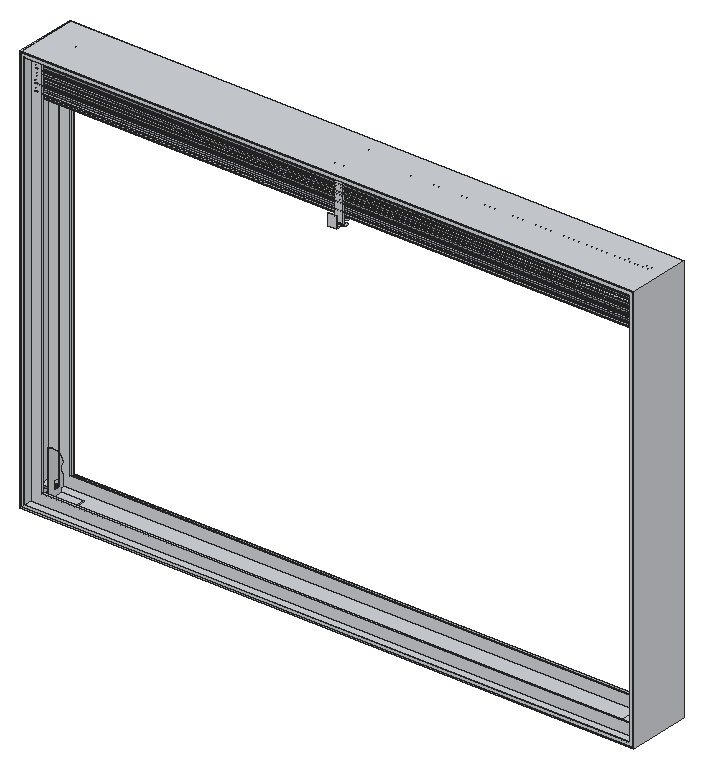
Revit family "FDD-ALB", category Mechanical Equipment, Revit 2015
Parameters
  URL = "http://unitedenertech.com/catalog/pdf/A-10%20%20FDD-ALB.pdf"
  Type Comments = "Max. Sizes are (Vertical 72\"w x 36\"h or 36\"w x 72\"h) (Horizontal 36\"w x 36\"h)"
  Model = "FDD-ALB"
  Manufacturer = "United Enertech Corporation"
  Keynote = ""
  Exact Width = 3' - 0"
  EFL Height [instance] = Blade Pair Number * 0' 0 13/32" + 0' 0 41/64"  # 0' - 3 5/64"
  Description = "Curtain Fire Damper for use in Static or Dynamic Systems"
  Damper Height = 2' - 0"
  Depth = 0' - 3 11/16"
  Blade Width [instance] = Exact Width - 0' 0 1/8"  # 2' - 11 7/8"
  Blade Pair Number [instance] = (Damper Height - 0' 0 9/128") / 0' 3 7/8"  # 6
Reference planes (in)
  plane 1 "Center (Front/Back)": y = 0
  plane 2: z = 0
  plane 3 "Center (Left/Right)": x = 0
  plane 4: x = -18
  plane 5: x = 18
  plane 6: y = -1.84375
  plane 7: y = 1.84375
  plane 8: z = 24
  plane 9: x = -17.9641
  plane 10: x = 17.9641
  plane 11: z = 0.0359
  plane 12: z = 23.9641
  plane 13: y = 1.09375
  plane 14: y = -1.09375
  plane 15: y = -0.96875
  plane 16: y = 0.96875
  plane 17: z = 0.6609
  plane 18: x = -17.3391
  plane 19: x = 17.3391
  plane 20: z = 23.3391
  plane 21: x = -0.25
  plane 22: x = 0.25
  plane 23: z = 20.88598
  plane 24: z = 20.92188
  plane 25: z = 0.2234
  plane 26: z = 23.7766
  plane 27: x = 17.7766
  plane 28: x = -17.7766
  plane 29: y = 1.80785
  plane 30: y = -1.80785
Forms (in)
  Extrusion 1, solid
    sketch origin (0, 0, 0) x (1, 0, 0) y (0, 0, 1)
      loop
        line (-17.9641, 23.9641) -> (-17.9641, 0.0359) -> (17.9641, 0.0359) -> (17.9641, 23.9641) -> (-17.9641, 23.9641)
      loop
        line (-18, 24) -> (-18, 0) -> (18, 0) -> (18, 24) -> (-18, 24)
    from -1.84375 to 1.84375
  Extrusion 2, solid
    sketch origin (0, 0, 0) x (1, 0, 0) y (0, 0, 1)
      loop
        line (-17.3391, 23.3391) -> (-17.3391, 0.6609) -> (17.3391, 0.6609) -> (17.3391, 23.3391) -> (-17.3391, 23.3391)
      loop
        line (-17.9641, 23.9641) -> (-17.9641, 0.0359) -> (17.9641, 0.0359) -> (17.9641, 23.9641) -> (-17.9641, 23.9641)
    from 0.96875 to 1.09375
  Extrusion 3, solid
    sketch origin (0, 0, 0) x (1, 0, 0) y (0, 0, 1)
      loop
        line (-17.3391, 23.3391) -> (-17.3391, 0.6609) -> (17.3391, 0.6609) -> (17.3391, 23.3391) -> (-17.3391, 23.3391)
      loop
        line (-17.9641, 23.9641) -> (-17.9641, 0.0359) -> (17.9641, 0.0359) -> (17.9641, 23.9641) -> (-17.9641, 23.9641)
    from -1.09375 to -0.96875
  Extrusion 4, solid
    sketch origin (0, 0, 0) x (0, 1, 0) y (0, 0, 1)
      loop
        line (0.96875, 23.9641) -> (0.93285, 23.9641) -> (0.93285, 20.88598) -> (1.43285, 20.88598) -> (1.43285, 21.55473) -> (1.39695, 21.55473) -> (1.39695, 20.92188) -> (0.96875, 20.92188) -> (0.96875, 23.9641)
    from -0.25 to 0.25
  Extrusion 5, solid
    sketch origin (0, 0, 0) x (0, -1, 0) y (0, 0, -1)
      loop
        line (0.96875, -23.9641) -> (0.96875, -20.92188) -> (1.39695, -20.92188) -> (1.39695, -21.55473) -> (1.43285, -21.55473) -> (1.43285, -20.88598) -> (0.93285, -20.88598) -> (0.93285, -23.9641) -> (0.96875, -23.9641)
    from -0.25 to 0.25
  Extrusion 6, solid
    sketch origin (0, 0, 0) x (0, 1, 0) y (0, 0, 1)
      loop
        line (0.18683, 0.46965) -> (0.18683, 20.88598) -> (0.15093, 20.88598) -> (0.15093, 0.46965) -> (0.18683, 0.46965)
    from 17.3391 to 17.9641
  Extrusion 7, solid
    sketch origin (0, 0, 0) x (0, 1, 0) y (0, 0, 1)
      loop
        line (0.18683, 0.46965) -> (0.18683, 20.88598) -> (0.15093, 20.88598) -> (0.15093, 0.46965) -> (0.18683, 0.46965)
    from -17.3391 to -17.9641
  Extrusion 8, solid
    sketch origin (0, 0, 0) x (0, 1, 0) y (0, 0, 1)
      loop
        arc (0.18683, 20.88598) -> (0.08831, 21.27851) -> (-0.15941, 21.59854) r 0.98736
        line (-0.15941, 21.59854) -> (-0.18442, 21.57353)
        arc (-0.18442, 21.57353) -> (0.05139, 21.26299) -> (0.15093, 20.88598) r 1.00288
        line (0.15093, 20.88598) -> (0.18683, 20.88598)
    from 17.3391 to 17.9641
  Extrusion 9, solid
    sketch origin (0, 0, 0) x (0, 1, 0) y (0, 0, 1)
      loop
        arc (0.18683, 20.88598) -> (0.08831, 21.27851) -> (-0.15941, 21.59854) r 0.98736
        line (-0.15941, 21.59854) -> (-0.18442, 21.57353)
        arc (-0.18442, 21.57353) -> (0.05139, 21.26299) -> (0.15093, 20.88598) r 1.00288
        line (0.15093, 20.88598) -> (0.18683, 20.88598)
    from -17.9641 to -17.3391
  Extrusion 10, solid
    sketch origin (0, 0, 0) x (1, 0, 0) y (0, 0, 1)
      loop
        line (-17.7766, 23.7766) -> (-17.7766, 0.2234) -> (17.7766, 0.2234) -> (17.7766, 23.7766) -> (-17.7766, 23.7766)
      loop
        line (-17.9641, 0.0359) -> (17.9641, 0.0359) -> (17.9641, 23.9641) -> (-17.9641, 23.9641) -> (-17.9641, 0.0359)
    from -1.84375 to -1.80785
  Extrusion 11, solid
    sketch origin (0, 0, 0) x (1, 0, 0) y (0, 0, 1)
      loop
        line (-17.7766, 23.7766) -> (-17.7766, 0.2234) -> (17.7766, 0.2234) -> (17.7766, 23.7766) -> (-17.7766, 23.7766)
      loop
        line (-17.9641, 0.0359) -> (17.9641, 0.0359) -> (17.9641, 23.9641) -> (-17.9641, 23.9641) -> (-17.9641, 0.0359)
    from 1.80785 to 1.84375
Dimensions and locks (in)
  equal spacing: plane 4, plane 3 "Center (Left/Right)", plane 5
  "Exact Width": plane 4 to plane 5
  equal spacing: plane 7, plane 1 "Center (Front/Back)", plane 6
  "Depth": plane 7 to plane 6
  "Damper Height": plane 8 to level
  locked: plane 9 to plane 4 at 0.0359
  locked: plane 5 to plane 10 at 0.0359
  locked: plane 8 to plane 12 at 0.0359
  locked: plane 11 to level at 0.0359
  locked: plane 13 to plane 14 at 2.1875
  locked: plane 15 to plane 14 at 0.125
  locked: plane 13 to plane 16 at 0.125
  locked: plane 18 to plane 9 at 0.625
  locked: plane 10 to plane 19 at 0.625
  locked: plane 17 to plane 11 at 0.625
  locked: plane 12 to plane 20 at 0.625
  equal spacing: group 1, group 2, group 3, group 4, group 5, group 6  (x2)
  equal spacing: group 6, group 5, group 4, group 3, group 2, group 1
  locked: nested 1 to nested 2 at 0.40625
  "EFL Height": plane 12 to plane 23
  locked: plane 24 to plane 23 at 0.0359
  locked: plane 25 to level at 0.2234
  locked: plane 8 to plane 26 at 0.2234
  locked: plane 4 to plane 28 at 0.2234
  locked: plane 5 to plane 27 at 0.2234
  locked: plane 7 to plane 29 at 0.0359
  locked: plane 30 to plane 6 at 0.0359
  aligned and locked: level to plane 2
  aligned and locked: level to Extrusion 1 sketch curve
  aligned and locked: Extrusion 1 sketch curve to plane 4
  aligned and locked: Extrusion 1 sketch curve to plane 5
  aligned and locked: Extrusion 1 sketch curve to plane 8
  aligned and locked: Extrusion 1 sketch curve to plane 12
  aligned and locked: plane 10 to Extrusion 1 sketch curve
  aligned and locked: plane 11 to Extrusion 1 sketch curve
  aligned and locked: plane 9 to Extrusion 1 sketch curve
  aligned and locked: plane 7 to Extrusion 1
  aligned and locked: Extrusion 1 to plane 6
  aligned and locked: plane 11 to Extrusion 2 sketch curve
  aligned and locked: plane 9 to Extrusion 2 sketch curve
  aligned and locked: plane 10 to Extrusion 2 sketch curve
  aligned and locked: Extrusion 2 sketch curve to plane 12
  aligned and locked: Extrusion 2 sketch curve to plane 20
  aligned and locked: Extrusion 2 sketch curve to plane 19
  aligned and locked: plane 17 to Extrusion 2 sketch curve
  aligned and locked: Extrusion 2 sketch curve to plane 18
  aligned and locked: plane 13 to Extrusion 3
  aligned and locked: Extrusion 3 to plane 16
  aligned and locked: plane 15 to Extrusion 2
  aligned and locked: Extrusion 2 to plane 14
  aligned and locked: plane 3 "Center (Left/Right)" to nested 1
  aligned and locked: plane 12 to nested 1
  aligned and locked: plane 21 to Extrusion 5
  aligned and locked: plane 21 to Extrusion 4
  aligned and locked: plane 22 to Extrusion 5
  aligned and locked: plane 22 to Extrusion 4
  aligned and locked: Extrusion 5 sketch curve to plane 23
  aligned and locked: plane 23 to Extrusion 4 sketch curve
  aligned and locked: plane 24 to Extrusion 4 sketch curve
  aligned and locked: Extrusion 5 sketch curve to plane 24
  aligned and locked: nested 4 to plane 24
  aligned and locked: nested 6 to plane 9
  aligned and locked: plane 10 to nested 7
  aligned and locked: Extrusion 6 sketch curve to plane 23
  aligned and locked: Extrusion 7 to plane 9
  aligned and locked: Extrusion 7 to plane 18
  aligned and locked: Extrusion 6 to plane 19
  aligned and locked: Extrusion 6 to plane 10
  aligned and locked: Extrusion 8 sketch curve to plane 23
  aligned and locked: Extrusion 9 to plane 9
  aligned and locked: Extrusion 9 to plane 18
  aligned and locked: plane 10 to Extrusion 8
  aligned and locked: Extrusion 8 to plane 19
  aligned and locked: Extrusion 10 sketch curve to plane 11
  aligned and locked: Extrusion 10 sketch curve to plane 10
  aligned and locked: Extrusion 10 sketch curve to plane 9
  aligned and locked: plane 12 to Extrusion 10 sketch curve
  aligned and locked: plane 26 to Extrusion 10 sketch curve
  aligned and locked: Extrusion 10 sketch curve to plane 28
  aligned and locked: Extrusion 10 sketch curve to plane 25
  aligned and locked: Extrusion 10 sketch curve to plane 27
  aligned and locked: plane 7 to Extrusion 10
  aligned and locked: Extrusion 10 to plane 29
  aligned and locked: Extrusion 11 to plane 30
  aligned and locked: Extrusion 11 to plane 6
Automatic sketch dimensions
  Extrusion 3 sketch curve to plane 9 = 0' - 0"
  Extrusion 3 sketch curve to plane 17 = 0' - 0"
  plane 18 to Extrusion 3 sketch curve = 0' - 0"
  Extrusion 3 sketch curve to plane 19 = 0' - 0"
  plane 10 to Extrusion 3 sketch curve = 0' - 0"
  Extrusion 3 sketch curve to plane 11 = 0' - 0"
  Extrusion 3 sketch curve to plane 20 = 0' - 0"
  Extrusion 3 sketch curve to plane 12 = 0' - 0"
  Extrusion 4 sketch curve to plane 12 = 0' - 0"
  Extrusion 4 sketch curve to plane 16 = 0' - 0"
  Extrusion 4 sketch curve to plane 16 = 0' - 0.0359"
  plane 13 to Extrusion 4 sketch curve = 0' - 0.3032"
  Extrusion 4 sketch curve to Extrusion 4 sketch curve = 0' - 0.0359"
  plane 24 to Extrusion 4 sketch curve = 0' - 0.63285"
  Extrusion 5 sketch curve to plane 12 = 0' - 0"
  Extrusion 5 sketch curve to plane 15 = 0' - 0"
  Extrusion 5 sketch curve to plane 15 = 0' - 0.0359"
  plane 14 to Extrusion 5 sketch curve = 0' - 0.3032"
  Extrusion 5 sketch curve to Extrusion 5 sketch curve = 0' - 0.0359"
  Extrusion 5 sketch curve to plane 24 = 0' - 0.63285"
  Extrusion 6 sketch curve to plane 1 "Center (Front/Back)" = 0' - 0.15093"
  Extrusion 6 sketch curve to Extrusion 6 sketch curve = 0' - 0.0359"
  Extrusion 6 sketch curve to plane 17 = 0' - 0.19125"
  Extrusion 7 sketch curve to plane 23 = 0' - 0"
  Extrusion 7 sketch curve to plane 1 "Center (Front/Back)" = 0' - 0.15093"
  Extrusion 7 sketch curve to Extrusion 7 sketch curve = 0' - 0.0359"
  Extrusion 7 sketch curve to plane 17 = 0' - 0.19125"
  plane 15 to Extrusion 8 sketch curve = 0' - 0.11876"
  Extrusion 8 sketch curve to Extrusion 8 sketch curve = 0' - 0.05023"
  plane 1 "Center (Front/Back)" to Extrusion 8 sketch curve = 0' - 0.18442"
  Extrusion 8 sketch curve to Extrusion 8 sketch curve = 0' - 0.02501"
  Extrusion 8 sketch curve to plane 1 "Center (Front/Back)" = 0' - 0.15093"
  Extrusion 8 sketch curve to Extrusion 8 sketch curve = 0' - 0.0359"
  Extrusion 8 sketch curve to plane 23 = 0' - 0.03898"
  Extrusion 8 sketch curve to Extrusion 8 sketch curve = 0' - 0.02364"
  Extrusion 9 sketch curve to plane 23 = 0' - 0"
  plane 15 to Extrusion 9 sketch curve = 0' - 0.11876"
  Extrusion 9 sketch curve to Extrusion 9 sketch curve = 0' - 0.05023"
  plane 1 "Center (Front/Back)" to Extrusion 9 sketch curve = 0' - 0.18442"
  Extrusion 9 sketch curve to Extrusion 9 sketch curve = 0' - 0.02501"
  Extrusion 9 sketch curve to plane 1 "Center (Front/Back)" = 0' - 0.15093"
  Extrusion 9 sketch curve to Extrusion 9 sketch curve = 0' - 0.0359"
  Extrusion 9 sketch curve to plane 23 = 0' - 0.03898"
  Extrusion 9 sketch curve to Extrusion 9 sketch curve = 0' - 0.02364"
  Extrusion 11 sketch curve to plane 9 = 0' - 0"
  Extrusion 11 sketch curve to plane 25 = 0' - 0"
  plane 28 to Extrusion 11 sketch curve = 0' - 0"
  Extrusion 11 sketch curve to plane 26 = 0' - 0"
  Extrusion 11 sketch curve to plane 27 = 0' - 0"
  plane 10 to Extrusion 11 sketch curve = 0' - 0"
  Extrusion 11 sketch curve to plane 11 = 0' - 0"
  Extrusion 11 sketch curve to plane 12 = 0' - 0"
Nested families (in)
  nested 1: "FD-SALB BLADESEDITED" at (0, 1.17008, 23.12138), type "FD-SALB BLADESEDITED"
    with Blade Width 2' - 11 7/8"
  nested 2: "FD-SALB BLADESEDITED" at (0, 1.17008, 22.71513), type "FD-SALB BLADESEDITED"
    with Blade Width 2' - 11 7/8"
  nested 3: "FD-SALB BLADESEDITED" at (0, 1.17008, 22.30888), type "FD-SALB BLADESEDITED"
    with Blade Width 2' - 11 7/8"
  nested 4: "EFL" at (4.62017, 3.54736, 20.92188), type "EFL"
  nested 5: "FD-SALB BLADESEDITED" at (0, 1.17008, 21.90263), type "FD-SALB BLADESEDITED"
    with Blade Width 2' - 11 7/8"
  nested 6: "Fire Damper Spring" at (-17.41019, -4.48368, -2.82915) x (0, 1, 0) z (0, 0, 1), type "Fire Damper Spring"
  nested 7: "Fire Damper Spring" at (17.41019, -4.48368, -2.82915) x (0, 1, 0) z (0, 0, 1), type "Fire Damper Spring"
  nested 8: "FD-SALB BLADESEDITED" at (0, 1.17008, 21.49638), type "FD-SALB BLADESEDITED"
    with Blade Width 2' - 11 7/8"
  nested 9: "FD-SALB BLADESEDITED" at (0, 1.17008, 21.09013), type "FD-SALB BLADESEDITED"
    with Blade Width 2' - 11 7/8"
Definition of nested family "FD-SALB BLADESEDITED"
  Parameters (values of type "FD-SALB BLADESEDITED")
    Blade Width = 1' - 11 7/8"
  Reference planes (in)
    plane 1 "Center (Front/Back)": y = 0
    plane 2: z = 0
    plane 3 "Center (Left/Right)": x = 0
    plane 4: x = -11.9375
    plane 5: x = 11.9375
  Forms (in)
    Extrusion 1, solid
      sketch origin (0, 0, 0) x (0, 1, 0) y (0, 0, 1)
        loop
          line (-0.31672, 0.53073) -> (-0.3446, 0.62657)
          arc (-0.3446, 0.62657) -> (-0.33726, 0.6415) -> (-0.32269, 0.63348) r 0.0115
          line (-0.32269, 0.63348) -> (-0.30545, 0.53536)
          arc (-0.30545, 0.53536) -> (-0.31611, 0.49773) -> (-0.35217, 0.48264) r 0.045
          line (-0.35217, 0.48264) -> (-0.39872, 0.48554)
          arc (-0.39872, 0.48554) -> (-0.42675, 0.49692) -> (-0.44125, 0.52348) r 0.045
          line (-0.44125, 0.52348) -> (-0.47071, 0.66865)
          arc (-0.47071, 0.66865) -> (-0.48965, 0.70349) -> (-0.5262, 0.7189) r 0.06
          line (-0.5262, 0.7189) -> (-1.55698, 0.78305) -> (-1.76244, 0.79584)
          arc (-1.76244, 0.79584) -> (-1.79846, 0.78683) -> (-1.82228, 0.75836) r 0.06
          line (-1.82228, 0.75836) -> (-1.88016, 0.61423)
          arc (-1.88016, 0.61423) -> (-1.90974, 0.57877) -> (-1.95445, 0.56733) r 0.075
          arc (-1.95445, 0.56733) -> (-2.03902, 0.60869) -> (-2.06957, 0.69773) r 0.123
          line (-2.06957, 0.69773) -> (-2.06418, 0.78456)
          arc (-2.06418, 0.78456) -> (-2.05371, 0.80551) -> (-2.03138, 0.81256) r 0.03
          line (-2.03138, 0.81256) -> (-1.90763, 0.80489) -> (-1.90763, 0.8362) -> (-2.01284, 0.84272) -> (-2.04641, 0.84272)
          arc (-2.04641, 0.84272) -> (-2.08042, 0.82292) -> (-2.09536, 0.7865) r 0.06125
          line (-2.09536, 0.7865) -> (-2.10077, 0.69966)
          arc (-2.10077, 0.69966) -> (-2.06244, 0.58801) -> (-1.95639, 0.53614) r 0.15425
          arc (-1.95639, 0.53614) -> (-1.89306, 0.55235) -> (-1.8512, 0.60257) r 0.10625
          line (-1.8512, 0.60257) -> (-1.7933, 0.74674)
          arc (-1.7933, 0.74674) -> (-1.78183, 0.76038) -> (-1.76452, 0.76466) r 0.02875
          line (-1.76452, 0.76466) -> (-1.55892, 0.75186) -> (-0.52813, 0.68773)
          arc (-0.52813, 0.68773) -> (-0.51045, 0.68016) -> (-0.50148, 0.66314) r 0.02875
          line (-0.50148, 0.66314) -> (-0.47199, 0.51784)
          arc (-0.47199, 0.51784) -> (-0.4474, 0.47346) -> (-0.4004, 0.45434) r 0.07625
          line (-0.4004, 0.45434) -> (-0.35398, 0.45144)
          arc (-0.35398, 0.45144) -> (-0.29278, 0.47694) -> (-0.27468, 0.54073) r 0.07625
          line (-0.27468, 0.54073) -> (-0.29191, 0.63889)
          arc (-0.29191, 0.63889) -> (-0.33988, 0.67434) -> (-0.37768, 0.6282) r 0.04327
          line (-0.37768, 0.6282) -> (-0.34677, 0.52199) -> (-0.31672, 0.53073)
      from -11.9375 to 11.9375
    Extrusion 2, solid
      sketch origin (0, 0, 0) x (0, 1, 0) y (0, 0, 1)
        loop
          arc (-0.31635, 0.67497) -> (-0.29361, 0.66856) -> (-0.28256, 0.64768) r 0.03
          line (-0.28256, 0.64768) -> (-0.2714, 0.56286)
          arc (-0.2714, 0.56286) -> (-0.29582, 0.47194) -> (-0.37737, 0.42491) r 0.123
          arc (-0.37737, 0.42491) -> (-0.42275, 0.43328) -> (-0.45469, 0.46664) r 0.075
          line (-0.45469, 0.46664) -> (-0.52225, 0.60648)
          arc (-0.52225, 0.60648) -> (-0.54755, 0.63305) -> (-0.58358, 0.63992) r 0.06
          line (-0.58358, 0.63992) -> (-0.78858, 0.61304) -> (-1.81262, 0.47877)
          arc (-1.81262, 0.47877) -> (-1.84723, 0.46173) -> (-1.86432, 0.42714) r 0.06
          line (-1.86432, 0.42714) -> (-1.88437, 0.27537)
          arc (-1.88437, 0.27537) -> (-1.89734, 0.2499) -> (-1.92301, 0.23735) r 0.045
          line (-1.92301, 0.23735) -> (-1.96868, 0.2314)
          arc (-1.96868, 0.2314) -> (-2.00696, 0.24361) -> (-2.02023, 0.28153) r 0.045
          line (-2.02023, 0.28153) -> (-2.00995, 0.379)
          arc (-2.00995, 0.379) -> (-1.99657, 0.38882) -> (-1.98728, 0.37505) r 0.0115
          line (-1.98728, 0.37505) -> (-2.00879, 0.27676) -> (-1.97772, 0.26996) -> (-1.95543, 0.37179)
          arc (-1.95543, 0.37179) -> (-1.99381, 0.41919) -> (-2.04121, 0.38081) r 0.04313
          line (-2.04121, 0.38081) -> (-2.05127, 0.28509)
          arc (-2.05127, 0.28509) -> (-2.02877, 0.22122) -> (-1.96431, 0.20045) r 0.07625
          line (-1.96431, 0.20045) -> (-1.91897, 0.20638)
          arc (-1.91897, 0.20638) -> (-1.87533, 0.22771) -> (-1.85342, 0.27106) r 0.07625
          line (-1.85342, 0.27106) -> (-1.83333, 0.42305)
          arc (-1.83333, 0.42305) -> (-1.82514, 0.43962) -> (-1.80853, 0.44779) r 0.02875
          line (-1.80853, 0.44779) -> (-0.78452, 0.58205) -> (-0.57967, 0.60892)
          arc (-0.57967, 0.60892) -> (-0.56246, 0.60559) -> (-0.55039, 0.5929) r 0.02875
          line (-0.55039, 0.5929) -> (-0.48278, 0.45303)
          arc (-0.48278, 0.45303) -> (-0.4376, 0.40578) -> (-0.37331, 0.39393) r 0.10625
          arc (-0.37331, 0.39393) -> (-0.27103, 0.4529) -> (-0.24041, 0.56695) r 0.15425
          line (-0.24041, 0.56695) -> (-0.2515, 0.65113)
          arc (-0.2515, 0.65113) -> (-0.27433, 0.69316) -> (-0.32041, 0.70596) r 0.06125
          line (-0.32041, 0.70596) -> (-0.44437, 0.68971) -> (-0.44031, 0.65872) -> (-0.31635, 0.67497)
      from -11.9375 to 11.9375
  Dimensions and locks (in)
    equal spacing: plane 4, plane 3 "Center (Left/Right)", plane 5
    "Blade Width": plane 4 to plane 5
    aligned and locked: level to plane 2
    aligned and locked: plane 4 to Extrusion 1
    aligned and locked: plane 4 to Extrusion 2
    aligned and locked: plane 5 to Extrusion 1
    aligned and locked: plane 5 to Extrusion 2
  Automatic sketch dimensions
    Extrusion 2 sketch curve to Extrusion 2 sketch curve = 0' - 0"  (x35)
    level to Extrusion 2 sketch curve = 0' - 0.28509"
    plane 1 "Center (Front/Back)" to Extrusion 2 sketch curve = 0' - 2.05127"
    level to Extrusion 2 sketch curve = 0' - 0.38081"
    Extrusion 2 sketch curve to Extrusion 2 sketch curve = 0' - 0.01006"
    level to Extrusion 2 sketch curve = 0' - 0.28153"
    Extrusion 2 sketch curve to Extrusion 2 sketch curve = 0' - 0.03105"
    level to Extrusion 2 sketch curve = 0' - 0.27676"
    Extrusion 2 sketch curve to Extrusion 2 sketch curve = 0' - 0.01143"  (x2)
    Extrusion 2 sketch curve to Extrusion 2 sketch curve = 0' - 0.04266"
    Extrusion 2 sketch curve to Extrusion 2 sketch curve = 0' - 0.00023"
    level to Extrusion 2 sketch curve = 0' - 0.26996"
    Extrusion 2 sketch curve to Extrusion 2 sketch curve = 0' - 0.03107"
    Extrusion 2 sketch curve to Extrusion 2 sketch curve = 0' - 0.00213"
    level to Extrusion 2 sketch curve = 0' - 0.2314"
    Extrusion 2 sketch curve to Extrusion 2 sketch curve = 0' - 0.00904"
    level to Extrusion 2 sketch curve = 0' - 0.20045"
    level to Extrusion 2 sketch curve = 0' - 0.37179"
    Extrusion 2 sketch curve to Extrusion 2 sketch curve = 0' - 0.0467"
    level to Extrusion 2 sketch curve = 0' - 0.27537"
    Extrusion 2 sketch curve to Extrusion 2 sketch curve = 0' - 0.04451"
    level to Extrusion 2 sketch curve = 0' - 0.27106"
    Extrusion 2 sketch curve to Extrusion 2 sketch curve = 0' - 0.03095"
    Extrusion 2 sketch curve to Extrusion 2 sketch curve = 0' - 0.0486"
    plane 1 "Center (Front/Back)" to Extrusion 2 sketch curve = 0' - 0.78452"
    Extrusion 2 sketch curve to Extrusion 2 sketch curve = 0' - 0.20094"
    Extrusion 2 sketch curve to Extrusion 2 sketch curve = 0' - 0 1/256"  (x2)
    Extrusion 2 sketch curve to Extrusion 2 sketch curve = 0' - 0.0034"
    Extrusion 2 sketch curve to Extrusion 2 sketch curve = 0' - 0.13921"
    Extrusion 2 sketch curve to Extrusion 2 sketch curve = 0' - 0.00406"  (x3)
    Extrusion 2 sketch curve to Extrusion 2 sketch curve = 0' - 0.04695"
    Extrusion 2 sketch curve to Extrusion 2 sketch curve = 0' - 0.00624"
    Extrusion 2 sketch curve to Extrusion 2 sketch curve = 0' - 0.0809"
    Extrusion 2 sketch curve to Extrusion 2 sketch curve = 0' - 0.0299"
    Extrusion 2 sketch curve to Extrusion 2 sketch curve = 0' - 0.03106"
    Extrusion 2 sketch curve to Extrusion 2 sketch curve = 0' - 0.00661"
    Extrusion 2 sketch curve to Extrusion 2 sketch curve = 0' - 0.00119"
    Extrusion 2 sketch curve to Extrusion 2 sketch curve = 0' - 0.14822"
    level to Extrusion 2 sketch curve = 0' - 0.49927"
    Extrusion 2 sketch curve to Extrusion 2 sketch curve = 0' - 0.04759"
    Extrusion 2 sketch curve to Extrusion 2 sketch curve = 0' - 0.0335"
    Extrusion 2 sketch curve to Extrusion 2 sketch curve = 0' - 0.00168"
    Extrusion 2 sketch curve to Extrusion 2 sketch curve = 0' - 0.02855"
    Extrusion 2 sketch curve to Extrusion 2 sketch curve = 0' - 0.031"
    Extrusion 2 sketch curve to Extrusion 2 sketch curve = 0' - 0.09835"
    Extrusion 2 sketch curve to Extrusion 2 sketch curve = 0' - 0.00246"
    Extrusion 2 sketch curve to Extrusion 2 sketch curve = 0' - 0.00345"
    Extrusion 2 sketch curve to Extrusion 2 sketch curve = 0' - 0.11186"
    Extrusion 2 sketch curve to Extrusion 2 sketch curve = 0' - 0.03098"  (x3)
    level to Extrusion 2 sketch curve = 0' - 0.37898"
    Extrusion 2 sketch curve to Extrusion 2 sketch curve = 0' - 0.00003"  (x4)
    Extrusion 2 sketch curve to Extrusion 2 sketch curve = 0' - 0.01101"
    level to Extrusion 2 sketch curve = 0' - 0.37505"
    Extrusion 2 sketch curve to Extrusion 2 sketch curve = 0' - 0.00585"
    level to Extrusion 2 sketch curve = 0' - 0.23735"
    Extrusion 2 sketch curve to Extrusion 2 sketch curve = 0' - 0.00404"
    level to Extrusion 2 sketch curve = 0' - 0.20636"
    level to Extrusion 2 sketch curve = 0' - 0.42714"
    Extrusion 2 sketch curve to Extrusion 2 sketch curve = 0' - 0.0595"
    level to Extrusion 2 sketch curve = 0' - 0.42305"
    Extrusion 2 sketch curve to Extrusion 2 sketch curve = 0' - 0.02852"
    Extrusion 2 sketch curve to Extrusion 2 sketch curve = 0' - 0.0207"
    level to Extrusion 2 sketch curve = 0' - 0.47878"
    Extrusion 2 sketch curve to Extrusion 2 sketch curve = 0' - 0.00374"
    level to Extrusion 2 sketch curve = 0' - 0.44779"
    Extrusion 2 sketch curve to Extrusion 2 sketch curve = 0' - 0.02588"
    Extrusion 2 sketch curve to Extrusion 2 sketch curve = 0' - 0.02814"
    Extrusion 2 sketch curve to Extrusion 2 sketch curve = 0' - 0.0957"
    Extrusion 2 sketch curve to Extrusion 2 sketch curve = 0' - 0.00004"  (x2)
    Extrusion 2 sketch curve to Extrusion 2 sketch curve = 0' - 0.02809"
    Extrusion 2 sketch curve to Extrusion 2 sketch curve = 0' - 0.00975"
    Extrusion 2 sketch curve to Extrusion 2 sketch curve = 0' - 0.00796"
    Extrusion 2 sketch curve to Extrusion 2 sketch curve = 0' - 0.01116"
    Extrusion 2 sketch curve to Extrusion 2 sketch curve = 0' - 0.00002"
    Extrusion 1 sketch curve to Extrusion 1 sketch curve = 0' - 0"  (x30)
    level to Extrusion 1 sketch curve = 0' - 0.7827"
    plane 1 "Center (Front/Back)" to Extrusion 1 sketch curve = 0' - 2.03423"
    Extrusion 1 sketch curve to Extrusion 1 sketch curve = 0' - 0.00284"
    Extrusion 1 sketch curve to Extrusion 1 sketch curve = 0' - 0.01854"
    Extrusion 1 sketch curve to Extrusion 1 sketch curve = 0' - 0.08443"
    Extrusion 1 sketch curve to Extrusion 1 sketch curve = 0' - 0.00298"
    Extrusion 1 sketch curve to Extrusion 1 sketch curve = 0' - 0.03918"
    Extrusion 1 sketch curve to Extrusion 1 sketch curve = 0' - 0.14102"
    level to Extrusion 1 sketch curve = 0' - 0.76466"
    Extrusion 1 sketch curve to Extrusion 1 sketch curve = 0' - 0.00209"
    level to Extrusion 1 sketch curve = 0' - 0.79584"
    Extrusion 1 sketch curve to Extrusion 1 sketch curve = 0' - 0.00208"  (x2)
    level to Extrusion 1 sketch curve = 0' - 0.75186"
    Extrusion 1 sketch curve to Extrusion 1 sketch curve = 0' - 0.2056"
    Extrusion 1 sketch curve to Extrusion 1 sketch curve = 0' - 0.00194"  (x2)
    plane 1 "Center (Front/Back)" to Extrusion 1 sketch curve = 0' - 0.52993"
    Extrusion 1 sketch curve to Extrusion 1 sketch curve = 0' - 0.02845"
    Extrusion 1 sketch curve to Extrusion 1 sketch curve = 0' - 0.02949"
    Extrusion 1 sketch curve to Extrusion 1 sketch curve = 0' - 0.03077"  (x2)
    Extrusion 1 sketch curve to Extrusion 1 sketch curve = 0' - 0.03074"
    Extrusion 1 sketch curve to Extrusion 1 sketch curve = 0' - 0.04085"
    Extrusion 1 sketch curve to Extrusion 1 sketch curve = 0' - 0.00168"
    Extrusion 1 sketch curve to Extrusion 1 sketch curve = 0' - 0.04445"
    Extrusion 1 sketch curve to Extrusion 1 sketch curve = 0' - 0.01912"
    Extrusion 1 sketch curve to Extrusion 1 sketch curve = 0' - 0.04641"
    Extrusion 1 sketch curve to Extrusion 1 sketch curve = 0' - 0.00182"
    Extrusion 1 sketch curve to Extrusion 1 sketch curve = 0' - 0.00238"
    Extrusion 1 sketch curve to Extrusion 1 sketch curve = 0' - 0.00302"
    Extrusion 1 sketch curve to Extrusion 1 sketch curve = 0' - 0.03307"
    Extrusion 1 sketch curve to Extrusion 1 sketch curve = 0' - 0.01008"
    Extrusion 1 sketch curve to Extrusion 1 sketch curve = 0' - 0.00072"
    Extrusion 1 sketch curve to Extrusion 1 sketch curve = 0' - 0.01112"
    Extrusion 1 sketch curve to Extrusion 1 sketch curve = 0' - 0.03006"
    Extrusion 1 sketch curve to Extrusion 1 sketch curve = 0' - 0.03078"
    Extrusion 1 sketch curve to Extrusion 1 sketch curve = 0' - 0.02867"
    Extrusion 1 sketch curve to Extrusion 1 sketch curve = 0' - 0.09261"
    level to Extrusion 1 sketch curve = 0' - 0.66865"
    Extrusion 1 sketch curve to Extrusion 1 sketch curve = 0' - 0.00551"
    Extrusion 1 sketch curve to Extrusion 1 sketch curve = 0' - 0.00412"
    Extrusion 1 sketch curve to Extrusion 1 sketch curve = 0' - 0.04791"
    Extrusion 1 sketch curve to Extrusion 1 sketch curve = 0' - 0.02976"
    Extrusion 1 sketch curve to Extrusion 1 sketch curve = 0' - 0.00541"
    Extrusion 1 sketch curve to Extrusion 1 sketch curve = 0' - 0.00087"
    Extrusion 1 sketch curve to Extrusion 1 sketch curve = 0' - 0.00852"
    Extrusion 1 sketch curve to Extrusion 1 sketch curve = 0' - 0.00559"
    Extrusion 1 sketch curve to Extrusion 1 sketch curve = 0' - 0.00702"
    Extrusion 1 sketch curve to Extrusion 1 sketch curve = 0' - 0.00564"
    Extrusion 1 sketch curve to Extrusion 1 sketch curve = 0' - 0.03935"
    Extrusion 1 sketch curve to Extrusion 1 sketch curve = 0' - 0.0312"
    Extrusion 1 sketch curve to Extrusion 1 sketch curve = 0' - 0.03119"
    Extrusion 1 sketch curve to Extrusion 1 sketch curve = 0' - 0.1148"
    Extrusion 1 sketch curve to Extrusion 1 sketch curve = 0' - 0.03131"
    Extrusion 1 sketch curve to Extrusion 1 sketch curve = 0' - 0.02994"
    level to Extrusion 1 sketch curve = 0' - 0.78456"
    Extrusion 1 sketch curve to Extrusion 1 sketch curve = 0' - 0.00539"
    level to Extrusion 1 sketch curve = 0' - 0.69772"
    Extrusion 1 sketch curve to Extrusion 1 sketch curve = 0' - 0.03117"
    Extrusion 1 sketch curve to Extrusion 1 sketch curve = 0' - 0.03118"
    level to Extrusion 1 sketch curve = 0' - 0.69966"
    Extrusion 1 sketch curve to Extrusion 1 sketch curve = 0' - 0.03357"
    Extrusion 1 sketch curve to Extrusion 1 sketch curve = 0' - 0.0066"
    Extrusion 1 sketch curve to Extrusion 1 sketch curve = 0' - 0.06959"
    level to Extrusion 1 sketch curve = 0' - 0.61423"
    Extrusion 1 sketch curve to Extrusion 1 sketch curve = 0' - 0.00004"  (x2)
    Extrusion 1 sketch curve to Extrusion 1 sketch curve = 0' - 0.02896"
    level to Extrusion 1 sketch curve = 0' - 0.60259"
    level to Extrusion 1 sketch curve = 0' - 0.75838"
    Extrusion 1 sketch curve to Extrusion 1 sketch curve = 0' - 0.05778"
    level to Extrusion 1 sketch curve = 0' - 0.74674"
    Extrusion 1 sketch curve to Extrusion 1 sketch curve = 0' - 0.02669"
    Extrusion 1 sketch curve to Extrusion 1 sketch curve = 0' - 0.00179"
    Extrusion 1 sketch curve to Extrusion 1 sketch curve = 0' - 0.00193"
    Extrusion 1 sketch curve to Extrusion 1 sketch curve = 0' - 0.01125"
    Extrusion 1 sketch curve to Extrusion 1 sketch curve = 0' - 0.00003"
    Extrusion 1 sketch curve to Extrusion 1 sketch curve = 0' - 0.05622"
    Extrusion 1 sketch curve to Extrusion 1 sketch curve = 0' - 0.03016"
Definition of nested family "EFL"
  Reference planes (in)
    plane 1 "Center (Front/Back)": y = 0
    plane 2: z = 0
    plane 3 "Center (Left/Right)": x = 0
  Forms (in)
    Extrusion 1, solid
      sketch origin (0, 0, 0) x (1, 0, 0) y (0, 1, 0)
        loop
          arc (-4.87017, -4.05324) -> (-4.81525, -4.18582) -> (-4.68267, -4.24074) r 0.1875
          line (-4.68267, -4.24074) -> (-4.55767, -4.24074)
          arc (-4.55767, -4.24074) -> (-4.42508, -4.18582) -> (-4.37017, -4.05324) r 0.1875
          line (-4.37017, -4.05324) -> (-4.37017, -3.41574) -> (-4.87017, -3.41574) -> (-4.87017, -4.05324)
        loop
          circle (-4.62017, -4.05324) r 0.0625
      from 0.1 to 0.05
    Extrusion 2, solid
      sketch origin (-9.24033, -7.08147, 0) x (-1, 0, 0) y (0, -1, 0)
        loop
          arc (-4.87017, -4.05324) -> (-4.81525, -4.18582) -> (-4.68267, -4.24074) r 0.1875
          line (-4.68267, -4.24074) -> (-4.55767, -4.24074)
          arc (-4.55767, -4.24074) -> (-4.42508, -4.18582) -> (-4.37017, -4.05324) r 0.1875
          line (-4.37017, -4.05324) -> (-4.37017, -3.41574) -> (-4.87017, -3.41574) -> (-4.87017, -4.05324)
        loop
          circle (-4.62017, -4.05324) r 0.0625
      from 0 to 0.05
    Sweep 3, solid
      path in 3D
        loop
          line (-4.62017, -4.16421, 0) -> (-4.62017, -4.22608, 0)
          arc (-4.62017, -4.22608, 0) -> (-4.65678, -4.31447, 0) -> (-4.74517, -4.35108, 0) r 0.125
          line (-4.74517, -4.35108, 0) -> (-4.92568, -4.35108, 0)
          arc (-4.92568, -4.35108, 0) -> (-5.02859, -4.454, 0) -> (-4.92568, -4.55691, 0) r 0.10291
          line (-4.92568, -4.55691, 0) -> (-4.62017, -4.55691, 0) -> (-4.31465, -4.55691, 0)
          arc (-4.31465, -4.55691, 0) -> (-4.21174, -4.454, 0) -> (-4.31465, -4.35108, 0) r 0.10291
          line (-4.31465, -4.35108, 0) -> (-4.58427, -4.35108, 0)
      profile origin (-4.62017, -4.19515, 0) x (1, 0, 0) y (0, 0, 1)
        loop
          circle (0, 0) r 0.03202
    Sweep 4, solid
      path in 3D
        loop
          line (-4.62017, -4.283, 0.1526) -> (-4.62017, -4.12297, 0.1526)
          arc (-4.62017, -4.12297, 0.1526) -> (-4.62017, -4.04635, 0.07598) -> (-4.62017, -4.12297, -0.00063) r 0.07662
          line (-4.62017, -4.12297, -0.00063) -> (-4.62017, -4.16421, -0.00063)
      profile origin (-4.62017, -4.14359, -0.00063) x (0, 0, -1) y (1, 0, 0)
        loop
          circle (0, 0) r 0.03138
    Sweep 5, solid
      path in 3D
        loop
          line (-4.62017, -2.91726, 0) -> (-4.62017, -2.85539, 0)
          arc (-4.62017, -2.85539, 0) -> (-4.65678, -2.767, 0) -> (-4.74517, -2.73039, 0) r 0.125
          line (-4.74517, -2.73039, 0) -> (-4.92568, -2.73039, 0)
          arc (-4.92568, -2.73039, 0) -> (-5.02859, -2.62747, 0) -> (-4.92568, -2.52456, 0) r 0.10291
          line (-4.92568, -2.52456, 0) -> (-4.62017, -2.52456, 0) -> (-4.31465, -2.52456, 0)
          arc (-4.31465, -2.52456, 0) -> (-4.21174, -2.62747, 0) -> (-4.31465, -2.73039, 0) r 0.10291
          line (-4.31465, -2.73039, 0) -> (-4.58427, -2.73039, 0)
      profile origin (-4.62017, -2.88633, 0) x (-1, 0, 0) y (0, 0, 1)
        loop
          circle (0, 0) r 0.03202
    Sweep 6, solid
      path in 3D
        loop
          line (-4.62017, -2.79848, 0.1526) -> (-4.62017, -2.95851, 0.1526)
          arc (-4.62017, -2.95851, 0.1526) -> (-4.62017, -3.03512, 0.07598) -> (-4.62017, -2.95851, -0.00063) r 0.07662
          line (-4.62017, -2.95851, -0.00063) -> (-4.62017, -2.91726, -0.00063)
      profile origin (-4.62017, -2.93788, -0.00063) x (0, 0, 1) y (1, 0, 0)
        loop
          circle (0, 0) r 0.03138
  Lines and regions (in)
    sketch lines
      curve 1: line (-4.62017, -4.16421, 0) -> (-4.62017, -4.22608, 0)
      curve 2: arc (-4.74517, -4.35108, 0) -> (-4.65678, -4.31447, 0) -> (-4.62017, -4.22608, 0) r 0.125
      curve 3: line (-4.74517, -4.35108, 0) -> (-4.92568, -4.35108, 0)
      curve 4: arc (-4.92568, -4.35108, 0) -> (-5.02859, -4.454, 0) -> (-4.92568, -4.55691, 0) r 0.10291
      curve 5: line (-4.62017, -4.55691, 0) -> (-4.92568, -4.55691, 0)
      curve 6: line (-4.62017, -4.55691, 0) -> (-4.31465, -4.55691, 0)
      curve 7: arc (-4.31465, -4.55691, 0) -> (-4.21174, -4.454, 0) -> (-4.31465, -4.35108, 0) r 0.10291
      curve 8: line (-4.58427, -4.35108, 0) -> (-4.31465, -4.35108, 0)
      curve 9: line (-4.62017, -4.12297, -0.00063) -> (-4.62017, -4.16421, -0.00063)
      curve 10: arc (-4.62017, -4.12297, -0.00063) -> (-4.62017, -4.04635, 0.07598) -> (-4.62017, -4.12297, 0.1526) r 0.07662
      curve 11: line (-4.62017, -4.12297, 0.1526) -> (-4.62017, -4.283, 0.1526)
      curve 12: line (-4.62017, -2.91726, 0) -> (-4.62017, -2.85539, 0)
      curve 13: arc (-4.74517, -2.73039, 0) -> (-4.65678, -2.767, 0) -> (-4.62017, -2.85539, 0) r 0.125
      curve 14: line (-4.74517, -2.73039, 0) -> (-4.92568, -2.73039, 0)
      curve 15: arc (-4.92568, -2.73039, 0) -> (-5.02859, -2.62747, 0) -> (-4.92568, -2.52456, 0) r 0.10291
      curve 16: line (-4.62017, -2.52456, 0) -> (-4.92568, -2.52456, 0)
      curve 17: line (-4.62017, -2.52456, 0) -> (-4.31465, -2.52456, 0)
      curve 18: arc (-4.31465, -2.52456, 0) -> (-4.21174, -2.62747, 0) -> (-4.31465, -2.73039, 0) r 0.10291
      curve 19: line (-4.58427, -2.73039, 0) -> (-4.31465, -2.73039, 0)
      curve 20: line (-4.62017, -2.95851, -0.00063) -> (-4.62017, -2.91726, -0.00063)
      curve 21: arc (-4.62017, -2.95851, -0.00063) -> (-4.62017, -3.03512, 0.07598) -> (-4.62017, -2.95851, 0.1526) r 0.07662
      curve 22: line (-4.62017, -2.95851, 0.1526) -> (-4.62017, -2.79848, 0.1526)
  Dimensions and locks (in)
    aligned and locked: level to plane 2
Definition of nested family "Fire Damper Spring"
  Reference planes (in)
    plane 1 "Center (Front/Back)": y = 0
    plane 2: z = 0
    plane 3 "Center (Left/Right)": x = 0
  Forms (in)
    Extrusion 1, solid
      sketch origin (-1.85058, 0, 0) x (1, 0, 0) y (0, 0, 1)
        loop
          line (5.83358, 5.61505) -> (5.83358, 2.86505) -> (6.70858, 2.86505) -> (6.70858, 3.11505) -> (6.83358, 3.11505) -> (6.83358, 3.74645) -> (6.70858, 4.08156) -> (6.70858, 4.28395) -> (6.83358, 4.40895)
          arc (6.83358, 4.40895) -> (6.47375, 5.12822) -> (5.83358, 5.61505) r 1.77618
        loop
          line (6.15858, 3.72986) -> (6.15858, 3.22986) -> (6.50858, 3.22986) -> (6.50858, 3.72986) -> (6.15858, 3.72986)
      from 0 to 0.06
    Extrusion 2, solid
      sketch origin (0, 0, 0) x (1, 0, 0) y (0, 0, 1)
        loop
          line (3.983, 2.86505) -> (4.858, 2.86505) -> (4.858, 2.92505) -> (3.983, 2.92505) -> (3.983, 2.86505)
      from 0.06 to 1.375
    Extrusion 3, solid
      sketch origin (-1.27452, 0, -0.02337) x (1, 0, 0) y (0, 0, 1)
        loop
          circle (5.75753, 3.32218) r 0.1875
        loop
          circle (5.75753, 3.32218) r 0.16
      from 0 to -0.5
    Extrusion 4, solid
      sketch origin (0, 0, 0) x (1, 0, 0) y (0, 0, 1)
        loop
          line (4.38792, 3.22986) -> (4.38792, 3.16986) -> (4.57943, 3.16986) -> (4.57943, 3.22986) -> (4.38792, 3.22986)
      from 0 to -0.55391
  Dimensions and locks (in)
    aligned and locked: level to plane 2
